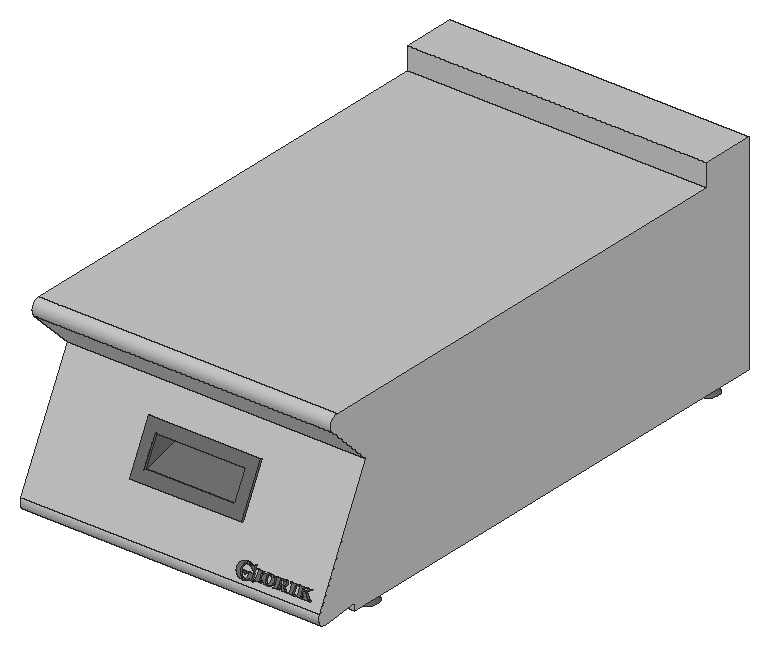
Revit family "QF_GIORIK_EN72CT", category Specialty Equipment, Revit 2014
Parameters (values of type "EN72CT")
  Weight in Pounds = 0
  URL Cutsheet = "www.giorik.com"
  URL = "www.giorik.com"
  Status [instance] = ""
  Specification by User [instance] = ""
  Specification by Manufacturer = ""
  Show Logo [instance] = yes
  Show Clearance [instance] = yes
  Serial Number = ""
  Seismic Rating = ""
  SMACNA No = ""
  Revision Code [instance] = ""
  NAFEM Spec ID Number = ""
  Model = "EN72CT"
  Masterspec = ""
  Manufacturer = "GIORIK"
  Item Number [instance] = ""
  Installed By [instance] = ""
  Identify Quantity as Lot [instance] = no
  Furnished By [instance] = ""
  Foodservice Equipment Identifier [instance] = yes
  Description = "NEUTRAL UNIT WITH DRAWER - COUNTERTOP"
  CSI MasterFormat = ""
  Assembly Code = "E1090320"
Reference planes
  plane 1 "Back": y = 0
  plane 2: z = 0
  plane 3 "Left": x = 0
  plane 4 "Right": x = 400
  plane 5 "Front": y = -720
  plane 6 "Top": z = 300
Forms (mm)
  Extrusion 1, solid, visible <- "Show Logo"
    sketch origin (191.604, -736.761, 9.486) x (-1, 0, 0) y (0, 0.452718, 0.891654)
      loop
        line (-118.824, 58.358) -> (-127.804, 58.358) -> (-125.523, 56.445) -> (-125.523, 48.027) -> (-127.804, 46.113) -> (-118.824, 46.113) -> (-121.105, 48.027) -> (-121.105, 56.445) -> (-118.824, 58.358)
      loop
        line (-163.721, 58.358) -> (-172.7, 58.358) -> (-170.42, 56.445) -> (-170.42, 48.027) -> (-172.7, 46.113) -> (-163.721, 46.113) -> (-166.001, 48.027) -> (-166.001, 56.445) -> (-163.721, 58.358)
      loop
        line (-174.332, 58.358) -> (-183.312, 58.358) -> (-181.031, 56.445) -> (-181.031, 52.435) -> (-186.419, 56.955) -> (-184.416, 58.358) -> (-191.268, 58.358) -> (-188.01, 56.839) -> (-185.455, 54.283) -> (-190.846, 47.858) -> (-193.396, 46.93) -> (-193.396, 46.113) -> (-184.416, 46.113) -> (-185.437, 47.571) -> (-182.443, 51.552) -> (-181.031, 50.894) -> (-181.031, 48.027) -> (-183.312, 46.113) -> (-174.332, 46.113) -> (-176.613, 48.027) -> (-176.613, 56.445) -> (-174.332, 58.358)
      loop
        line (-115.429, 62.063) -> (-115.429, 54.198)
        arc (-115.429, 54.198) -> (-111.618, 57.803) -> (-106.847, 59.986) r 16.039
        arc (-106.847, 59.986) -> (-103.314, 59.837) -> (-100.512, 57.68) r 5.851
        arc (-100.512, 57.68) -> (-98.815, 52.267) -> (-100.512, 46.853) r 9.479
        arc (-100.512, 46.853) -> (-102.406, 44.986) -> (-104.846, 43.93) r 7.236
        arc (-104.846, 43.93) -> (-107.728, 44.111) -> (-110.052, 45.825) r 5.11
        line (-110.052, 45.825) -> (-110.052, 52.001) -> (-116.141, 52.001) -> (-116.141, 45.503) -> (-117.893, 43.751) -> (-114.094, 44.769)
        arc (-114.094, 44.769) -> (-112.56, 44.947) -> (-111.129, 44.366) r 3.115
        arc (-111.129, 44.366) -> (-104.216, 42.091) -> (-97.303, 44.366) r 11.641
        arc (-97.303, 44.366) -> (-93.396, 52.107) -> (-97.303, 59.849) r 9.622
        arc (-97.303, 59.849) -> (-104.369, 62.174) -> (-111.435, 59.849) r 11.898
        line (-111.435, 59.849) -> (-115.429, 62.063)
      loop
        arc (-129.234, 56.068) -> (-135.893, 58.628) -> (-142.552, 56.068) r 9.941
        arc (-142.552, 56.068) -> (-144.234, 52.286) -> (-142.552, 48.505) r 5.093
        arc (-142.552, 48.505) -> (-135.893, 45.945) -> (-129.234, 48.505) r 9.941
        arc (-129.234, 48.505) -> (-127.552, 52.286) -> (-129.234, 56.068) r 5.093
      loop
        arc (-132.628, 54.403) -> (-135.893, 57.668) -> (-139.158, 54.403) r 3.265
        line (-139.158, 54.403) -> (-139.158, 50.169)
        arc (-139.158, 50.169) -> (-135.893, 46.904) -> (-132.628, 50.169) r 3.265
        line (-132.628, 50.169) -> (-132.628, 54.403)
      loop
        arc (-156.363, 58.365) -> (-159.647, 55.081) -> (-156.363, 51.796) r 3.285
        line (-156.363, 51.796) -> (-159.529, 47.306) -> (-162.087, 46.113) -> (-155.847, 46.113) -> (-153.529, 51.083) -> (-150.637, 51.083) -> (-150.637, 47.784) -> (-153.022, 46.113) -> (-144.011, 46.113) -> (-146.094, 47.68) -> (-146.094, 56.493) -> (-144.229, 58.365) -> (-156.363, 58.365)
      loop
        line (-150.637, 57.512) -> (-153.637, 57.512)
        arc (-153.637, 57.512) -> (-156.237, 54.912) -> (-153.637, 52.312) r 2.6
        line (-153.637, 52.312) -> (-150.637, 52.312) -> (-150.637, 57.512)
      loop
        line (-108.924, 52.001) -> (-104.936, 49.005) -> (-100.948, 52.001) -> (-108.924, 52.001)
    from 1.5 to -0.5
  Extrusion 2, solid
    sketch origin (0, 1000, -620) x (0, 1, 0) y (0, 0, 1)
      loop
        line (-1000, 919.988) -> (-1070, 919.988) -> (-1070, 889.988) -> (-1688.806, 889.988)
        arc (-1688.806, 889.988) -> (-1699.151, 883.075) -> (-1696.724, 870.873) r 11.197
        line (-1696.724, 870.873) -> (-1640.876, 815.025) -> (-1718.948, 661.258)
        arc (-1718.948, 661.258) -> (-1718.233, 650.105) -> (-1708.118, 645.354) r 10.981
        line (-1708.118, 645.354) -> (-1660, 649.925) -> (-1660, 640) -> (-1000, 640) -> (-1000, 919.988)
    from 0 to 400
  Extrusion 3, solid, visible <- "Show Clearance", detail levels coarse
    sketch origin (0, 45, -368) x (0, 1, 0) y (0, 0, 1)
      loop
        line (-685, 388) -> (-685, 563) -> (-1220, 563) -> (-1220, 388) -> (-685, 388)
    from 0 to 400
  Extrusion 4, solid
    sketch origin (200, -320.043, -686.16) x (0, 0.891654, -0.452718) y (0, 0.452718, 0.891654)
      loop
        line (-642, 585) -> (-685, 545) -> (-681.85, 545) -> (-642, 582.07) -> (-642, 585)
    from -60 to 60
  Extrusion 5, solid
    sketch origin (-200, -930.826, -376.048) x (1, 0, 0) y (0, 0.452718, 0.891654)
      loop
        line (340, 585) -> (340, 545) -> (460, 545) -> (460, 585) -> (340, 585)
      loop
        line (325, 600) -> (325, 530) -> (475, 530) -> (475, 600) -> (325, 600)
    from 0 to 2
  Extrusion 6, solid
    sketch origin (-200, -320.043, -686.16) x (1, 0, 0) y (0, 0.452718, 0.891654)
      loop
        line (338, 587) -> (338, 543) -> (462, 543) -> (462, 587) -> (338, 587)
      loop
        line (340, 585) -> (340, 545) -> (460, 545) -> (460, 585) -> (340, 585)
    from 642 to 685
  Extrusion 7, void
    sketch origin (-100, 0, -600) x (0, 1, 0) y (0, 0, 1)
      loop
        line (-624.993, 726.999) -> (-665.08, 747.353) -> (-685, 708.12) -> (-644.912, 687.766) -> (-624.993, 726.999)
    from 238 to 362
  Extrusion 8, solid
    sketch origin (543.603, 45.293, -30) x (0, 1, 0) y (-1, 0, 0)
      loop
        circle (-79.293, 516.603) r 5
    from 41.965 to 50
  Revolve 9, solid
    sketch origin (27, 49.943, -600) x (0, 1, 0) y (0, 0, 1)
      loop
        line (-83.943, 611.965) -> (-94.752, 611.965) -> (-97.943, 600) -> (-83.943, 600) -> (-83.943, 611.965)
      axis (-83.943, 611.965) -> (-83.943, 600)
    angle from 0 to 360
  Extrusion 10, solid
    sketch origin (543.603, -524.707, -30) x (0, 1, 0) y (-1, 0, 0)
      loop
        circle (-79.293, 516.603) r 5
    from 41.965 to 50
  Revolve 11, solid
    sketch origin (27, -520.057, -600) x (0, 1, 0) y (0, 0, 1)
      loop
        line (-83.943, 611.965) -> (-94.752, 611.965) -> (-97.943, 600) -> (-83.943, 600) -> (-83.943, 611.965)
      axis (-83.943, 611.965) -> (-83.943, 600)
    angle from 0 to 360
  Extrusion 12, solid
    sketch origin (-143.603, 45.293, -30) x (0, 1, 0) y (-1, 0, 0)
      loop
        circle (-79.293, -516.603) r 5
    from 41.965 to 50
  Revolve 13, solid
    sketch origin (373, 49.943, -600) x (0, 1, 0) y (0, 0, -1)
      loop
        line (-83.943, -611.965) -> (-83.943, -600) -> (-97.943, -600) -> (-94.752, -611.965) -> (-83.943, -611.965)
      axis (-83.943, -611.965) -> (-83.943, -600)
    angle from 0 to 360
  Extrusion 14, solid
    sketch origin (-143.603, -524.707, -30) x (0, 1, 0) y (-1, 0, 0)
      loop
        circle (-79.293, -516.603) r 5
    from 41.965 to 50
  Revolve 15, solid
    sketch origin (373, -520.057, -600) x (0, 1, 0) y (0, 0, -1)
      loop
        line (-83.943, -611.965) -> (-83.943, -600) -> (-97.943, -600) -> (-94.752, -611.965) -> (-83.943, -611.965)
      axis (-83.943, -611.965) -> (-83.943, -600)
    angle from 0 to 360
Cuts and joins
  Extrusion 7 cuts Extrusion 2
Lines and regions (mm)
  symbolic lines, style "200-EquipBorder-2D"
    curve 1: line (0, -720, 0) -> (400, -720, 0)
    curve 2: line (400, -720, 0) -> (400, 0, 0)
    curve 3: line (400, 0, 0) -> (0, 0, 0)
    curve 4: line (0, 0, 0) -> (0, -720, 0)
  symbolic lines, style "QF_Door-Drawer Clearances", visible <- "Show Clearance", detail levels coarse
    curve 5: line (0, -720, 0) -> (0, -1175, 0)
    curve 6: line (0, -1175, 900) -> (400, -1175, 900)
    curve 7: line (400, -1175, 900) -> (400, -720, 900)
  symbolic lines, style "200-EquipInternal-2D"
    curve 8: line (0, -70, 300) -> (400, -70, 300)
Dimensions and locks
  plane 3 "Left" to plane 4 "Right" = 400 mm
  plane 5 "Front" to plane 1 "Back" = 720 mm
  plane 4 "Right" to plane 3 "Left" = 400 mm
  plane 1 "Back" to plane 5 "Front" = 720 mm
  plane 6 "Top" to level = 300 mm  (x2)
  aligned and locked: level to plane 2
